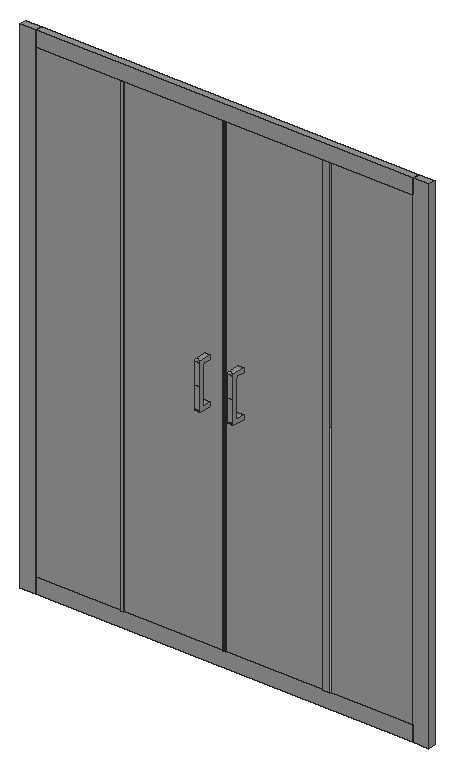
Revit family "MAMPARA CORREDERA CENTRAL STYLE 1600X1980", category Generic Models, Revit 2019
Family settings
  Can host rebar = No
  Round Connector Dimension = Use Diameter
  Part Type = Normal
  Work Plane-Based = No
  Always vertical = Yes
  Cut with Voids When Loaded = No
  Shared = No
  Room Calculation Point = No
Reference planes
  plane 1 "Center (Front/Back)": y = 0
  plane 2: z = 0
  plane 3 "Center (Left/Right)": x = 0
Forms (mm)
  Extrusion 1, solid
    sketch origin (0, 0, 0) x (1, 0, 0) y (0, 0, 1)
      loop
        line (0, 0) -> (60, 0) -> (60, 1980) -> (0, 1980) -> (0, 0)
      loop
        line (1600, 1980) -> (1540, 1980) -> (1540, 0) -> (1600, 0) -> (1600, 1980)
    from 0 to 30
  Extrusion 2, solid
    sketch origin (0, 0, 0) x (1, 0, 0) y (0, 0, 1)
      loop
        line (60, 1980) -> (60, 1920) -> (1540, 1920) -> (1540, 1980) -> (60, 1980)
      loop
        line (60, 0) -> (1540, 0) -> (1540, 60) -> (60, 60) -> (60, 0)
    from 0 to 30
  Extrusion 3, solid
    sketch origin (0, 0, 0) x (1, 0, 0) y (0, 0, 1)
      loop
        line (800, 60) -> (800, 1920) -> (795, 1920) -> (795, 60) -> (800, 60)
      loop
        line (1185, 60) -> (1215, 60) -> (1215, 990) -> (1215, 1920) -> (1185, 1920) -> (1185, 990) -> (1185, 60)
      loop
        line (395, 990) -> (395, 60) -> (405, 60) -> (405, 990) -> (405, 1920) -> (395, 1920) -> (395, 990)
    from 0 to 30
  Extrusion 4, solid
    sketch origin (0, 0, 0) x (1, 0, 0) y (0, 0, 1)
      loop
        line (800, 1920) -> (800, 60) -> (805, 60) -> (805, 1920) -> (800, 1920)
    from 0 to 30
  Extrusion 5, solid
    sketch origin (0, 0, 0) x (1, 0, 0) y (0, 0, 1)
      loop
        line (60, 1920) -> (60, 60) -> (1540, 60) -> (1540, 1920) -> (60, 1920)
    from 4.16 to 26.263
  Extrusion 6, solid
    sketch origin (0, 0, 0) x (0, 1, 0) y (0, 0, 1)
      loop
        line (-65, 990) -> (-65, 1060)
        arc (-65, 1060) -> (-63.536, 1063.536) -> (-60, 1065) r 5
        line (-60, 1065) -> (-30, 1065) -> (-30, 1080) -> (-75, 1080)
        arc (-75, 1080) -> (-78.536, 1078.536) -> (-80, 1075) r 5
        line (-80, 1075) -> (-80, 990) -> (-80, 905)
        arc (-80, 905) -> (-78.536, 901.464) -> (-75, 900) r 5
        line (-75, 900) -> (-30, 900) -> (-30, 915) -> (-60, 915)
        arc (-60, 915) -> (-63.536, 916.464) -> (-65, 920) r 5
        line (-65, 920) -> (-65, 990)
    from 725 to 745
  Extrusion 7, solid
    sketch origin (0, 0, 0) x (0, 1, 0) y (0, 0, 1)
      loop
        line (-65, 990) -> (-65, 1060)
        arc (-65, 1060) -> (-63.536, 1063.536) -> (-60, 1065) r 5
        line (-60, 1065) -> (-30, 1065) -> (-30, 1080) -> (-75, 1080)
        arc (-75, 1080) -> (-78.536, 1078.536) -> (-80, 1075) r 5
        line (-80, 1075) -> (-80, 990) -> (-80, 905)
        arc (-80, 905) -> (-78.536, 901.464) -> (-75, 900) r 5
        line (-75, 900) -> (-30, 900) -> (-30, 915) -> (-60, 915)
        arc (-60, 915) -> (-63.536, 916.464) -> (-65, 920) r 5
        line (-65, 920) -> (-65, 990)
    from 855 to 875
Dimensions and locks
  aligned and locked: level to plane 2
